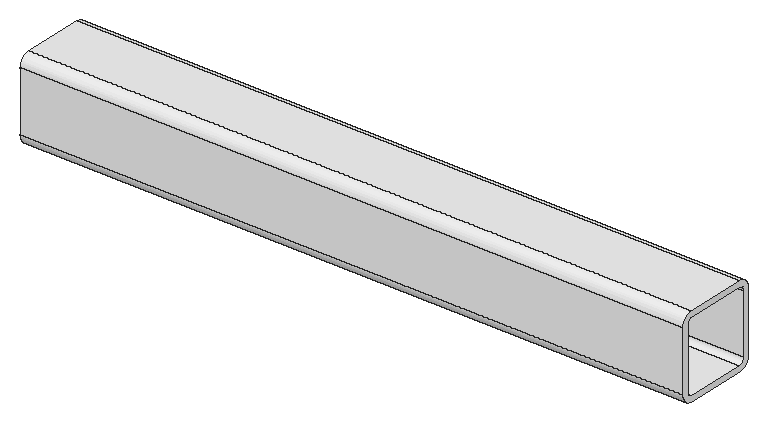
Revit family "CQV - Cortes quadrados vazados (MSH)", category Quadro estrutural, Revit 2019
Family settings
  Arredondamento do comprimento do framing estrutural = 1 mm
  Forma do corte = Não definido
  Material para o comportamento do modelo = Aço
  Exportar sempre como geometria = Não
  Sempre na vertical = Sim
  Corte com vazios quando carregada = Não
  Representação simbólica = Das configurações de projeto
  Compartilhado = Não
  Exibir o pré-corte da família na vista da planta = Sim
Parameters (values of type "SHS 150x150x10.0")
  ro = 20 mm
  t = 10 mm
  ri = 10 mm
  W = 0.0431
  Structural Material [instance] = Metal - Aço - 250 MPa
  d = 150 mm
  b = 150 mm
  Assembly Code = ""
  Length [instance] = 1500 mm
  A = 0.00549 m²
Reference planes
  plane 1 "Centro (Frente/Trás)": y = 0
  plane 2: z = 0
  plane 3 "Centro (Esquerda/Direita)": x = 4.61
  plane 4 "Membro esquerdo": x = -604.99
  plane 5 "Membro direito": x = 614.21
  plane 6 "Direita": x = 766.61
  plane 7 "Esquerda": x = -733.39
  plane 8: y = 75
  plane 9: y = -75
  plane 10: z = -75
  plane 11: z = 75
Forms (mm)
  Sweep 1, solid, material "Metal - Aço - 250 MPa" <- "Structural Material", detail levels medium
    path origin (0, 0, 0) x (1, 0, 0) y (0, 1, 0)
      loop
        line (-604.99, 0) -> (614.21, 0)
    profile "CQV - Cortes quadrados vazados - Perfil - Médio : CQV - Cortes quadrados vazados - Perfil - Médio" origin (4.61, 0, 0) x (0, 1, 0) y (0, 0, 1)
      loop
        line (-65, 65) -> (-65, -65) -> (65, -65) -> (65, 65) -> (-65, 65)
      loop
        line (-75, 75) -> (-75, -75) -> (75, -75) -> (75, 75) -> (-75, 75)
  Sweep 2, solid, material "Metal - Aço - 250 MPa" <- "Structural Material", detail levels fine
    path origin (0, 0, 0) x (1, 0, 0) y (0, 1, 0)
      loop
        line (-604.99, 0) -> (614.21, 0)
    profile "CQV - Cortes quadrados vazados - Perfil - Alto : CQV - Cortes quadrados vazados - Perfil - Alto" origin (4.61, 0, 0) x (0, 1, 0) y (0, 0, 1)
      loop
        arc (-55, 65) -> (-62.071, 62.071) -> (-65, 55) r 10
        line (-65, 55) -> (-65, -55)
        arc (-65, -55) -> (-62.071, -62.071) -> (-55, -65) r 10
        line (-55, -65) -> (55, -65)
        arc (55, -65) -> (62.071, -62.071) -> (65, -55) r 10
        line (65, -55) -> (65, 55)
        arc (65, 55) -> (62.071, 62.071) -> (55, 65) r 10
        line (55, 65) -> (-55, 65)
      loop
        arc (-55, 75) -> (-69.142, 69.142) -> (-75, 55) r 20
        line (-75, 55) -> (-75, -55)
        arc (-75, -55) -> (-69.142, -69.142) -> (-55, -75) r 20
        line (-55, -75) -> (55, -75)
        arc (55, -75) -> (69.142, -69.142) -> (75, -55) r 20
        line (75, -55) -> (75, 55)
        arc (75, 55) -> (69.142, 69.142) -> (55, 75) r 20
        line (55, 75) -> (-55, 75)
Lines and regions (mm)
  symbolic lines, style "Símbolos de vara", detail levels coarse
    curve 1: line (-733.39, -75, 75) -> (-733.39, 75, 75)
    curve 2: line (-733.39, 75, 75) -> (-733.39, 75, -75)
    curve 3: line (-733.39, -75, -75) -> (-733.39, -75, 75)
    curve 4: line (-733.39, 75, -75) -> (-733.39, -75, -75)
  symbolic lines, style "Faces ocultas", detail levels medium+fine
    curve 5: line (-604.99, 65, 0) -> (614.21, 65, 0)
    curve 6: line (-604.99, -65, 0) -> (614.21, -65, 0)
    curve 7: line (-604.99, 0, 65) -> (614.21, 0, 65)
    curve 8: line (614.21, 0, -65) -> (-604.99, 0, -65)
Dimensions and locks
  "Length": plane 7 "Esquerda" to plane 6 "Direita"
  equal spacing: plane 8, plane 1 "Centro (Frente/Trás)", plane 9
  "b": plane 8 to plane 9
  equal spacing: plane 11, plane 2, plane 10
  "d": plane 10 to plane 11
  aligned and locked: plane 1 "Centro (Frente/Trás)" to Sweep 1 sketch curve
  aligned and locked: plane 1 "Centro (Frente/Trás)" to Sweep 2 sketch curve
  aligned and locked: curve 1 to Sweep 1
  aligned and locked: curve 2 to Sweep 1
  aligned and locked: curve 3 to Sweep 1
  aligned and locked: curve 4 to Sweep 1
  aligned and locked: curve 5 to Sweep 1
  aligned and locked: curve 6 to Sweep 1
  aligned and locked: curve 7 to Sweep 1
  aligned and locked: curve 8 to Sweep 1
  aligned and locked: plane 4 "Membro esquerdo" to Sweep 1 sketch curve
  aligned and locked: plane 5 "Membro direito" to Sweep 1 sketch curve
  aligned and locked: plane 4 "Membro esquerdo" to Sweep 2 sketch curve
  aligned and locked: plane 5 "Membro direito" to Sweep 2 sketch curve
  aligned and locked: plane 4 "Membro esquerdo" to curve 5
  aligned and locked: plane 5 "Membro direito" to curve 5
  aligned and locked: plane 4 "Membro esquerdo" to curve 6
  aligned and locked: plane 5 "Membro direito" to curve 6
  aligned and locked: plane 4 "Membro esquerdo" to curve 7
  aligned and locked: plane 5 "Membro direito" to curve 7
  aligned and locked: plane 4 "Membro esquerdo" to curve 8
  aligned and locked: plane 5 "Membro direito" to curve 8
Types in the file's own list only (211): name | ro | t | ri | W | d | b | A
  SHS 40x40x2.9 | 4 mm | 3 mm | 1 mm | 0.00331 | 40 mm | 40 mm | 0.00 m²
  SHS 40x40x3.2 | 5 mm | 3 mm | 2 mm | 0.00361 | 40 mm | 40 mm | 0.00 m²
  SHS 40x40x3.6 | 5 mm | 4 mm | 2 mm | 0.00401 | 40 mm | 40 mm | 0.00 m²
  SHS 40x40x4.0 | 6 mm | 4 mm | 2 mm | 0.00439 | 40 mm | 40 mm | 0.00 m²
  SHS 40x40x4.5 | 7 mm | 5 mm | 2 mm | 0.00485 | 40 mm | 40 mm | 0.00 m²
  SHS 40x40x5.0 | 8 mm | 5 mm | 3 mm | 0.00528 | 40 mm | 40 mm | 0.00 m²
  SHS 40x40x5.6 | 8 mm | 6 mm | 3 mm | 0.00578 | 40 mm | 40 mm | 0.00 m²
  SHS 40x40x6.3 | 9 mm | 6 mm | 3 mm | 0.00633 | 40 mm | 40 mm | 0.00 m²
  SHS 40x40x7.1 | 11 mm | 7 mm | 4 mm | 0.00691 | 40 mm | 40 mm | 0.00 m²
  SHS 50x50x2.9 | 4 mm | 3 mm | 1 mm | 0.00422 | 50 mm | 50 mm | 0.00 m²
  SHS 50x50x3.2 | 5 mm | 3 mm | 2 mm | 0.00462 | 50 mm | 50 mm | 0.00 m²
  SHS 50x50x3.6 | 5 mm | 4 mm | 2 mm | 0.00514 | 50 mm | 50 mm | 0.00 m²
  SHS 50x50x4.0 | 6 mm | 4 mm | 2 mm | 0.00564 | 50 mm | 50 mm | 0.00 m²
  SHS 50x50x4.5 | 7 mm | 5 mm | 2 mm | 0.00626 | 50 mm | 50 mm | 0.00 m²
  SHS 50x50x5.0 | 8 mm | 5 mm | 3 mm | 0.00685 | 50 mm | 50 mm | 0.00 m²
  SHS 50x50x5.6 | 8 mm | 6 mm | 3 mm | 0.00754 | 50 mm | 50 mm | 0.00 m²
  SHS 50x50x6.3 | 9 mm | 6 mm | 3 mm | 0.00831 | 50 mm | 50 mm | 0.00 m²
  SHS 50x50x7.1 | 11 mm | 7 mm | 4 mm | 0.00914 | 50 mm | 50 mm | 0.00 m²
  SHS 50x50x8.0 | 12 mm | 8 mm | 4 mm | 0.01 | 50 mm | 50 mm | 0.00 m²
  SHS 60x60x2.9 | 4 mm | 3 mm | 1 mm | 0.00513 | 60 mm | 60 mm | 0.00 m²
  SHS 60x60x3.2 | 5 mm | 3 mm | 2 mm | 0.00562 | 60 mm | 60 mm | 0.00 m²
  SHS 60x60x3.6 | 5 mm | 4 mm | 2 mm | 0.00627 | 60 mm | 60 mm | 0.00 m²
  SHS 60x60x4.0 | 6 mm | 4 mm | 2 mm | 0.0069 | 60 mm | 60 mm | 0.00 m²
  SHS 60x60x4.5 | 7 mm | 5 mm | 2 mm | 0.00767 | 60 mm | 60 mm | 0.00 m²
  SHS 60x60x5.0 | 8 mm | 5 mm | 3 mm | 0.00842 | 60 mm | 60 mm | 0.00 m²
  SHS 60x60x5.6 | 8 mm | 6 mm | 3 mm | 0.0093 | 60 mm | 60 mm | 0.00 m²
  SHS 60x60x6.3 | 9 mm | 6 mm | 3 mm | 0.0103 | 60 mm | 60 mm | 0.00 m²
  SHS 60x60x7.1 | 11 mm | 7 mm | 4 mm | 0.0114 | 60 mm | 60 mm | 0.00 m²
  SHS 60x60x8.0 | 12 mm | 8 mm | 4 mm | 0.0125 | 60 mm | 60 mm | 0.00 m²
  SHS 60x60x8.8 | 13 mm | 9 mm | 4 mm | 0.0135 | 60 mm | 60 mm | 0.00 m²
  SHS 60x60x10.0 | 15 mm | 10 mm | 5 mm | 0.0149 | 60 mm | 60 mm | 0.00 m²
  SHS 60x60x11.0 | 17 mm | 11 mm | 6 mm | 0.0159 | 60 mm | 60 mm | 0.00 m²
  SHS 60x60x12.5 | 19 mm | 13 mm | 6 mm | 0.0173 | 60 mm | 60 mm | 0.00 m²
  SHS 70x70x3.2 | 5 mm | 3 mm | 2 mm | 0.00663 | 70 mm | 70 mm | 0.00 m²
  SHS 70x70x3.6 | 5 mm | 4 mm | 2 mm | 0.0074 | 70 mm | 70 mm | 0.00 m²
  SHS 70x70x4.0 | 6 mm | 4 mm | 2 mm | 0.00815 | 70 mm | 70 mm | 0.00 m²
  SHS 70x70x4.5 | 7 mm | 5 mm | 2 mm | 0.00908 | 70 mm | 70 mm | 0.00 m²
  SHS 70x70x5.0 | 8 mm | 5 mm | 3 mm | 0.00999 | 70 mm | 70 mm | 0.00 m²
  SHS 70x70x5.6 | 8 mm | 6 mm | 3 mm | 0.0111 | 70 mm | 70 mm | 0.00 m²
  SHS 70x70x6.3 | 9 mm | 6 mm | 3 mm | 0.0123 | 70 mm | 70 mm | 0.00 m²
  SHS 70x70x7.1 | 11 mm | 7 mm | 4 mm | 0.0136 | 70 mm | 70 mm | 0.00 m²
  SHS 70x70x8.0 | 12 mm | 8 mm | 4 mm | 0.015 | 70 mm | 70 mm | 0.00 m²
  SHS 70x70x8.8 | 13 mm | 9 mm | 4 mm | 0.0163 | 70 mm | 70 mm | 0.00 m²
  SHS 70x70x10.0 | 15 mm | 10 mm | 5 mm | 0.018 | 70 mm | 70 mm | 0.00 m²
  SHS 70x70x11.0 | 17 mm | 11 mm | 6 mm | 0.0194 | 70 mm | 70 mm | 0.00 m²
  SHS 70x70x12.5 | 19 mm | 13 mm | 6 mm | 0.0213 | 70 mm | 70 mm | 0.00 m²
  SHS 80x80x3.6 | 7 mm | 4 mm | 4 mm | 0.00853 | 80 mm | 80 mm | 0.00 m²
  SHS 80x80x4.0 | 8 mm | 4 mm | 4 mm | 0.00941 | 80 mm | 80 mm | 0.00 m²
  SHS 80x80x4.5 | 9 mm | 5 mm | 5 mm | 0.0105 | 80 mm | 80 mm | 0.00 m²
  SHS 80x80x5.0 | 10 mm | 5 mm | 5 mm | 0.0116 | 80 mm | 80 mm | 0.00 m²
  SHS 80x80x5.6 | 11 mm | 6 mm | 6 mm | 0.0128 | 80 mm | 80 mm | 0.00 m²
  SHS 80x80x6.3 | 13 mm | 6 mm | 6 mm | 0.0142 | 80 mm | 80 mm | 0.00 m²
  SHS 80x80x7.1 | 14 mm | 7 mm | 7 mm | 0.0158 | 80 mm | 80 mm | 0.00 m²
  SHS 80x80x8.0 | 16 mm | 8 mm | 8 mm | 0.0175 | 80 mm | 80 mm | 0.00 m²
  SHS 80x80x8.8 | 18 mm | 9 mm | 9 mm | 0.019 | 80 mm | 80 mm | 0.00 m²
  SHS 80x80x10.0 | 20 mm | 10 mm | 10 mm | 0.0211 | 80 mm | 80 mm | 0.00 m²
  SHS 80x80x11.0 | 22 mm | 11 mm | 11 mm | 0.0228 | 80 mm | 80 mm | 0.00 m²
  SHS 80x80x12.5 | 25 mm | 13 mm | 13 mm | 0.0252 | 80 mm | 80 mm | 0.00 m²
  SHS 90x90x3.6 | 7 mm | 4 mm | 4 mm | 0.00966 | 90 mm | 90 mm | 0.00 m²
  SHS 90x90x4.0 | 8 mm | 4 mm | 4 mm | 0.0107 | 90 mm | 90 mm | 0.00 m²
  SHS 90x90x4.5 | 9 mm | 5 mm | 5 mm | 0.0119 | 90 mm | 90 mm | 0.00 m²
  SHS 90x90x5.0 | 10 mm | 5 mm | 5 mm | 0.0131 | 90 mm | 90 mm | 0.00 m²
  SHS 90x90x5.6 | 11 mm | 6 mm | 6 mm | 0.0146 | 90 mm | 90 mm | 0.00 m²
  SHS 90x90x6.3 | 13 mm | 6 mm | 6 mm | 0.0162 | 90 mm | 90 mm | 0.00 m²
  SHS 90x90x7.1 | 14 mm | 7 mm | 7 mm | 0.0181 | 90 mm | 90 mm | 0.00 m²
  SHS 90x90x8.0 | 16 mm | 8 mm | 8 mm | 0.0201 | 90 mm | 90 mm | 0.00 m²
  SHS 90x90x8.8 | 18 mm | 9 mm | 9 mm | 0.0218 | 90 mm | 90 mm | 0.00 m²
  SHS 90x90x10.0 | 20 mm | 10 mm | 10 mm | 0.0243 | 90 mm | 90 mm | 0.00 m²
  SHS 90x90x11.0 | 22 mm | 11 mm | 11 mm | 0.0263 | 90 mm | 90 mm | 0.00 m²
  SHS 90x90x12.5 | 25 mm | 13 mm | 13 mm | 0.0291 | 90 mm | 90 mm | 0.00 m²
  SHS 100x100x4.0 | 8 mm | 4 mm | 4 mm | 0.0119 | 100 mm | 100 mm | 0.00 m²
  SHS 100x100x4.5 | 9 mm | 5 mm | 5 mm | 0.0133 | 100 mm | 100 mm | 0.00 m²
  SHS 100x100x5.0 | 10 mm | 5 mm | 5 mm | 0.0147 | 100 mm | 100 mm | 0.00 m²
  SHS 100x100x5.6 | 11 mm | 6 mm | 6 mm | 0.0163 | 100 mm | 100 mm | 0.00 m²
  SHS 100x100x6.3 | 13 mm | 6 mm | 6 mm | 0.0182 | 100 mm | 100 mm | 0.00 m²
  SHS 100x100x7.1 | 14 mm | 7 mm | 7 mm | 0.0203 | 100 mm | 100 mm | 0.00 m²
  SHS 100x100x8.0 | 16 mm | 8 mm | 8 mm | 0.0226 | 100 mm | 100 mm | 0.00 m²
  SHS 100x100x8.8 | 18 mm | 9 mm | 9 mm | 0.0245 | 100 mm | 100 mm | 0.00 m²
  SHS 100x100x10.0 | 20 mm | 10 mm | 10 mm | 0.0274 | 100 mm | 100 mm | 0.00 m²
  SHS 100x100x11.0 | 22 mm | 11 mm | 11 mm | 0.0297 | 100 mm | 100 mm | 0.00 m²
  SHS 100x100x12.5 | 25 mm | 13 mm | 13 mm | 0.033 | 100 mm | 100 mm | 0.00 m²
  SHS 100x100x14.2 | 28 mm | 14 mm | 14 mm | 0.0336 | 100 mm | 100 mm | 0.00 m²
  SHS 110x110x4.0 | 8 mm | 4 mm | 4 mm | 0.0132 | 110 mm | 110 mm | 0.00 m²
  SHS 110x110x4.5 | 9 mm | 5 mm | 5 mm | 0.0147 | 110 mm | 110 mm | 0.00 m²
  SHS 110x110x5.0 | 10 mm | 5 mm | 5 mm | 0.0163 | 110 mm | 110 mm | 0.00 m²
  SHS 110x110x5.6 | 11 mm | 6 mm | 6 mm | 0.0181 | 110 mm | 110 mm | 0.00 m²
  SHS 110x110x6.3 | 13 mm | 6 mm | 6 mm | 0.0202 | 110 mm | 110 mm | 0.00 m²
  SHS 110x110x7.1 | 14 mm | 7 mm | 7 mm | 0.0225 | 110 mm | 110 mm | 0.00 m²
  SHS 110x110x8.0 | 16 mm | 8 mm | 8 mm | 0.0251 | 110 mm | 110 mm | 0.00 m²
  SHS 110x110x8.8 | 18 mm | 9 mm | 9 mm | 0.0273 | 110 mm | 110 mm | 0.00 m²
  SHS 110x110x10.0 | 20 mm | 10 mm | 10 mm | 0.0306 | 110 mm | 110 mm | 0.00 m²
  SHS 110x110x11.0 | 22 mm | 11 mm | 11 mm | 0.0332 | 110 mm | 110 mm | 0.00 m²
  SHS 110x110x12.5 | 25 mm | 13 mm | 13 mm | 0.037 | 110 mm | 110 mm | 0.00 m²
  SHS 110x110x14.2 | 28 mm | 14 mm | 14 mm | 0.041 | 110 mm | 110 mm | 0.01 m²
  SHS 120x120x4.5 | 9 mm | 5 mm | 5 mm | 0.0161 | 120 mm | 120 mm | 0.00 m²
  SHS 120x120x5.0 | 10 mm | 5 mm | 5 mm | 0.0178 | 120 mm | 120 mm | 0.00 m²
  SHS 120x120x5.6 | 11 mm | 6 mm | 6 mm | 0.0199 | 120 mm | 120 mm | 0.00 m²
  SHS 120x120x6.3 | 13 mm | 6 mm | 6 mm | 0.0222 | 120 mm | 120 mm | 0.00 m²
  SHS 120x120x7.1 | 14 mm | 7 mm | 7 mm | 0.0247 | 120 mm | 120 mm | 0.00 m²
  SHS 120x120x8.0 | 16 mm | 8 mm | 8 mm | 0.0276 | 120 mm | 120 mm | 0.00 m²
  SHS 120x120x8.8 | 18 mm | 9 mm | 9 mm | 0.0301 | 120 mm | 120 mm | 0.00 m²
  SHS 120x120x10.0 | 20 mm | 10 mm | 10 mm | 0.0337 | 120 mm | 120 mm | 0.00 m²
  SHS 120x120x11.0 | 22 mm | 11 mm | 11 mm | 0.0366 | 120 mm | 120 mm | 0.00 m²
  SHS 120x120x12.5 | 25 mm | 13 mm | 13 mm | 0.0409 | 120 mm | 120 mm | 0.01 m²
  SHS 120x120x14.2 | 28 mm | 14 mm | 14 mm | 0.0455 | 120 mm | 120 mm | 0.01 m²
  SHS 120x120x16.0 | 32 mm | 16 mm | 16 mm | 0.0501 | 120 mm | 120 mm | 0.01 m²
  SHS 140x140x5.0 | 10 mm | 5 mm | 5 mm | 0.021 | 140 mm | 140 mm | 0.00 m²
  SHS 140x140x5.6 | 11 mm | 6 mm | 6 mm | 0.0234 | 140 mm | 140 mm | 0.00 m²
  SHS 140x140x6.3 | 13 mm | 6 mm | 6 mm | 0.0261 | 140 mm | 140 mm | 0.00 m²
  SHS 140x140x7.1 | 14 mm | 7 mm | 7 mm | 0.0292 | 140 mm | 140 mm | 0.00 m²
  SHS 140x140x8.0 | 16 mm | 8 mm | 8 mm | 0.0326 | 140 mm | 140 mm | 0.00 m²
  SHS 140x140x8.8 | 18 mm | 9 mm | 9 mm | 0.0356 | 140 mm | 140 mm | 0.00 m²
  SHS 140x140x10.0 | 20 mm | 10 mm | 10 mm | 0.04 | 140 mm | 140 mm | 0.01 m²
  SHS 140x140x11.0 | 22 mm | 11 mm | 11 mm | 0.0435 | 140 mm | 140 mm | 0.01 m²
  SHS 140x140x12.5 | 25 mm | 13 mm | 13 mm | 0.0487 | 140 mm | 140 mm | 0.01 m²
  SHS 140x140x14.2 | 28 mm | 14 mm | 14 mm | 0.0544 | 140 mm | 140 mm | 0.01 m²
  SHS 140x140x16.0 | 32 mm | 16 mm | 16 mm | 0.0601 | 140 mm | 140 mm | 0.01 m²
  SHS 140x140x17.5 | 35 mm | 18 mm | 18 mm | 0.0647 | 140 mm | 140 mm | 0.01 m²
  SHS 150x150x6.3 | 13 mm | 6 mm | 6 mm | 0.0281 | 150 mm | 150 mm | 0.00 m²
  SHS 150x150x7.1 | 14 mm | 7 mm | 7 mm | 0.0314 | 150 mm | 150 mm | 0.00 m²
  SHS 150x150x8.0 | 16 mm | 8 mm | 8 mm | 0.0351 | 150 mm | 150 mm | 0.00 m²
  SHS 150x150x8.8 | 18 mm | 9 mm | 9 mm | 0.0384 | 150 mm | 150 mm | 0.00 m²
  SHS 150x150x11.0 | 22 mm | 11 mm | 11 mm | 0.047 | 150 mm | 150 mm | 0.01 m²
  SHS 150x150x12.5 | 25 mm | 13 mm | 13 mm | 0.0527 | 150 mm | 150 mm | 0.01 m²
  SHS 150x150x14.2 | 28 mm | 14 mm | 14 mm | 0.0589 | 150 mm | 150 mm | 0.01 m²
  SHS 150x150x16.0 | 32 mm | 16 mm | 16 mm | 0.0652 | 150 mm | 150 mm | 0.01 m²
  SHS 150x150x17.5 | 35 mm | 18 mm | 18 mm | 0.0702 | 150 mm | 150 mm | 0.01 m²
  SHS 160x160x6.3 | 13 mm | 6 mm | 6 mm | 0.0301 | 160 mm | 160 mm | 0.00 m²
  SHS 160x160x7.1 | 14 mm | 7 mm | 7 mm | 0.0337 | 160 mm | 160 mm | 0.00 m²
  SHS 160x160x8.0 | 16 mm | 8 mm | 8 mm | 0.0376 | 160 mm | 160 mm | 0.00 m²
  SHS 160x160x8.8 | 18 mm | 9 mm | 9 mm | 0.0411 | 160 mm | 160 mm | 0.01 m²
  SHS 160x160x10.0 | 20 mm | 10 mm | 10 mm | 0.0463 | 160 mm | 160 mm | 0.01 m²
  SHS 160x160x11.0 | 22 mm | 11 mm | 11 mm | 0.0504 | 160 mm | 160 mm | 0.01 m²
  SHS 160x160x12.5 | 25 mm | 13 mm | 13 mm | 0.0566 | 160 mm | 160 mm | 0.01 m²
  SHS 160x160x14.2 | 28 mm | 14 mm | 14 mm | 0.0633 | 160 mm | 160 mm | 0.01 m²
  SHS 160x160x16.0 | 32 mm | 16 mm | 16 mm | 0.0702 | 160 mm | 160 mm | 0.01 m²
  SHS 160x160x17.5 | 35 mm | 18 mm | 18 mm | 0.075 | 160 mm | 160 mm | 0.01 m²
  SHS 180x180x6.3 | 13 mm | 6 mm | 6 mm | 0.034 | 180 mm | 180 mm | 0.00 m²
  SHS 180x180x7.1 | 14 mm | 7 mm | 7 mm | 0.0381 | 180 mm | 180 mm | 0.00 m²
  SHS 180x180x8.0 | 16 mm | 8 mm | 8 mm | 0.0427 | 180 mm | 180 mm | 0.01 m²
  SHS 180x180x8.8 | 18 mm | 9 mm | 9 mm | 0.0467 | 180 mm | 180 mm | 0.01 m²
  SHS 180x180x10.0 | 20 mm | 10 mm | 10 mm | 0.0525 | 180 mm | 180 mm | 0.01 m²
  SHS 180x180x11.0 | 22 mm | 11 mm | 11 mm | 0.0574 | 180 mm | 180 mm | 0.01 m²
  SHS 180x180x12.5 | 25 mm | 13 mm | 13 mm | 0.0644 | 180 mm | 180 mm | 0.01 m²
  SHS 180x180x14.2 | 28 mm | 14 mm | 14 mm | 0.0722 | 180 mm | 180 mm | 0.01 m²
  SHS 180x180x16.0 | 32 mm | 16 mm | 16 mm | 0.0802 | 180 mm | 180 mm | 0.01 m²
  SHS 200x200x6.3 | 13 mm | 6 mm | 6 mm | 0.038 | 200 mm | 200 mm | 0.00 m²
  SHS 200x200x7.1 | 14 mm | 7 mm | 7 mm | 0.0426 | 200 mm | 200 mm | 0.01 m²
  SHS 200x200x8.0 | 16 mm | 8 mm | 8 mm | 0.0477 | 200 mm | 200 mm | 0.01 m²
  SHS 200x200x8.8 | 18 mm | 9 mm | 9 mm | 0.0522 | 200 mm | 200 mm | 0.01 m²
  SHS 200x200x10.0 | 20 mm | 10 mm | 10 mm | 0.0588 | 200 mm | 200 mm | 0.01 m²
  SHS 200x200x11.0 | 22 mm | 11 mm | 11 mm | 0.0643 | 200 mm | 200 mm | 0.01 m²
  SHS 200x200x12.5 | 25 mm | 13 mm | 13 mm | 0.0723 | 200 mm | 200 mm | 0.01 m²
  SHS 200x200x14.2 | 28 mm | 14 mm | 14 mm | 0.0811 | 200 mm | 200 mm | 0.01 m²
  SHS 200x200x16.0 | 32 mm | 16 mm | 16 mm | 0.0903 | 200 mm | 200 mm | 0.01 m²
  SHS 220x220x6.3 | 13 mm | 6 mm | 6 mm | 0.0419 | 220 mm | 220 mm | 0.01 m²
  SHS 220x220x7.1 | 14 mm | 7 mm | 7 mm | 0.047 | 220 mm | 220 mm | 0.01 m²
  SHS 220x220x8.0 | 16 mm | 8 mm | 8 mm | 0.0527 | 220 mm | 220 mm | 0.01 m²
  SHS 220x220x8.8 | 18 mm | 9 mm | 9 mm | 0.0577 | 220 mm | 220 mm | 0.01 m²
  SHS 220x220x10.0 | 20 mm | 10 mm | 10 mm | 0.0651 | 220 mm | 220 mm | 0.01 m²
  SHS 220x220x11.0 | 22 mm | 11 mm | 11 mm | 0.0712 | 220 mm | 220 mm | 0.01 m²
  SHS 220x220x12.5 | 25 mm | 13 mm | 13 mm | 0.0801 | 220 mm | 220 mm | 0.01 m²
  SHS 220x220x14.2 | 28 mm | 14 mm | 14 mm | 0.0901 | 220 mm | 220 mm | 0.01 m²
  SHS 220x220x16.0 | 32 mm | 16 mm | 16 mm | 0.1 | 220 mm | 220 mm | 0.01 m²
  SHS 250x250x6.3 | 13 mm | 6 mm | 6 mm | 0.0479 | 250 mm | 250 mm | 0.01 m²
  SHS 250x250x7.1 | 14 mm | 7 mm | 7 mm | 0.0537 | 250 mm | 250 mm | 0.01 m²
  SHS 250x250x8.0 | 16 mm | 8 mm | 8 mm | 0.0603 | 250 mm | 250 mm | 0.01 m²
  SHS 250x250x8.8 | 18 mm | 9 mm | 9 mm | 0.066 | 250 mm | 250 mm | 0.01 m²
  SHS 250x250x10.0 | 20 mm | 10 mm | 10 mm | 0.0745 | 250 mm | 250 mm | 0.01 m²
  SHS 250x250x11.0 | 22 mm | 11 mm | 11 mm | 0.0815 | 250 mm | 250 mm | 0.01 m²
  SHS 250x250x12.5 | 25 mm | 13 mm | 13 mm | 0.0919 | 250 mm | 250 mm | 0.01 m²
  SHS 250x250x14.2 | 28 mm | 14 mm | 14 mm | 0.103 | 250 mm | 250 mm | 0.01 m²
  SHS 250x250x16.0 | 32 mm | 16 mm | 16 mm | 0.115 | 250 mm | 250 mm | 0.01 m²
  SHS 250x250x17.5 | 35 mm | 18 mm | 18 mm | 0.125 | 250 mm | 250 mm | 0.02 m²
  SHS 260x260x6.3 | 13 mm | 6 mm | 6 mm | 0.0499 | 260 mm | 260 mm | 0.01 m²
  SHS 260x260x7.1 | 14 mm | 7 mm | 7 mm | 0.056 | 260 mm | 260 mm | 0.01 m²
  SHS 260x260x8.0 | 16 mm | 8 mm | 8 mm | 0.0628 | 260 mm | 260 mm | 0.01 m²
  SHS 260x260x8.8 | 18 mm | 9 mm | 9 mm | 0.0688 | 260 mm | 260 mm | 0.01 m²
  SHS 260x260x10.0 | 20 mm | 10 mm | 10 mm | 0.0777 | 260 mm | 260 mm | 0.01 m²
  SHS 260x260x11.0 | 22 mm | 11 mm | 11 mm | 0.085 | 260 mm | 260 mm | 0.01 m²
  SHS 260x260x12.5 | 25 mm | 13 mm | 13 mm | 0.0958 | 260 mm | 260 mm | 0.01 m²
  SHS 260x260x14.2 | 28 mm | 14 mm | 14 mm | 0.108 | 260 mm | 260 mm | 0.01 m²
  SHS 260x260x16.0 | 32 mm | 16 mm | 16 mm | 0.12 | 260 mm | 260 mm | 0.02 m²
  SHS 260x260x17.5 | 35 mm | 18 mm | 18 mm | 0.131 | 260 mm | 260 mm | 0.02 m²
  SHS 300x300x6.3 | 13 mm | 6 mm | 6 mm | 0.0578 | 300 mm | 300 mm | 0.01 m²
  SHS 300x300x7.1 | 14 mm | 7 mm | 7 mm | 0.0649 | 300 mm | 300 mm | 0.01 m²
  SHS 300x300x8.0 | 16 mm | 8 mm | 8 mm | 0.0728 | 300 mm | 300 mm | 0.01 m²
  SHS 300x300x8.8 | 18 mm | 9 mm | 9 mm | 0.0798 | 300 mm | 300 mm | 0.01 m²
  SHS 300x300x10.0 | 20 mm | 10 mm | 10 mm | 0.0902 | 300 mm | 300 mm | 0.01 m²
  SHS 300x300x11.0 | 22 mm | 11 mm | 11 mm | 0.0988 | 300 mm | 300 mm | 0.01 m²
  SHS 300x300x12.5 | 25 mm | 13 mm | 13 mm | 0.112 | 300 mm | 300 mm | 0.01 m²
  SHS 300x300x14.2 | 28 mm | 14 mm | 14 mm | 0.126 | 300 mm | 300 mm | 0.02 m²
  SHS 300x300x16.0 | 32 mm | 16 mm | 16 mm | 0.141 | 300 mm | 300 mm | 0.02 m²
  SHS 350x350x6.3 | 13 mm | 6 mm | 6 mm | 0.0677 | 350 mm | 350 mm | 0.01 m²
  SHS 350x350x7.1 | 14 mm | 7 mm | 7 mm | 0.076 | 350 mm | 350 mm | 0.01 m²
  SHS 350x350x8.0 | 16 mm | 8 mm | 8 mm | 0.0854 | 350 mm | 350 mm | 0.01 m²
  SHS 350x350x8.8 | 18 mm | 9 mm | 9 mm | 0.0936 | 350 mm | 350 mm | 0.01 m²
  SHS 350x350x10.0 | 20 mm | 10 mm | 10 mm | 0.106 | 350 mm | 350 mm | 0.01 m²
  SHS 350x350x11.0 | 22 mm | 11 mm | 11 mm | 0.116 | 350 mm | 350 mm | 0.01 m²
  SHS 350x350x12.5 | 25 mm | 13 mm | 13 mm | 0.131 | 350 mm | 350 mm | 0.02 m²
  SHS 350x350x14.2 | 28 mm | 14 mm | 14 mm | 0.148 | 350 mm | 350 mm | 0.02 m²
  SHS 350x350x16.0 | 32 mm | 16 mm | 16 mm | 0.166 | 350 mm | 350 mm | 0.02 m²
  SHS 400x400x6.3 | 13 mm | 6 mm | 6 mm | 0.0775 | 400 mm | 400 mm | 0.01 m²
  SHS 400x400x7.1 | 14 mm | 7 mm | 7 mm | 0.0872 | 400 mm | 400 mm | 0.01 m²
  SHS 400x400x8.0 | 16 mm | 8 mm | 8 mm | 0.0979 | 400 mm | 400 mm | 0.01 m²
  SHS 400x400x8.8 | 18 mm | 9 mm | 9 mm | 0.107 | 400 mm | 400 mm | 0.01 m²
  SHS 400x400x10.0 | 20 mm | 10 mm | 10 mm | 0.122 | 400 mm | 400 mm | 0.02 m²
  SHS 400x400x11.0 | 22 mm | 11 mm | 11 mm | 0.133 | 400 mm | 400 mm | 0.02 m²
  SHS 400x400x12.5 | 25 mm | 13 mm | 13 mm | 0.151 | 400 mm | 400 mm | 0.02 m²
  SHS 400x400x14.2 | 28 mm | 14 mm | 14 mm | 0.17 | 400 mm | 400 mm | 0.02 m²
  SHS 400x400x16.0 | 32 mm | 16 mm | 16 mm | 0.191 | 400 mm | 400 mm | 0.02 m²
